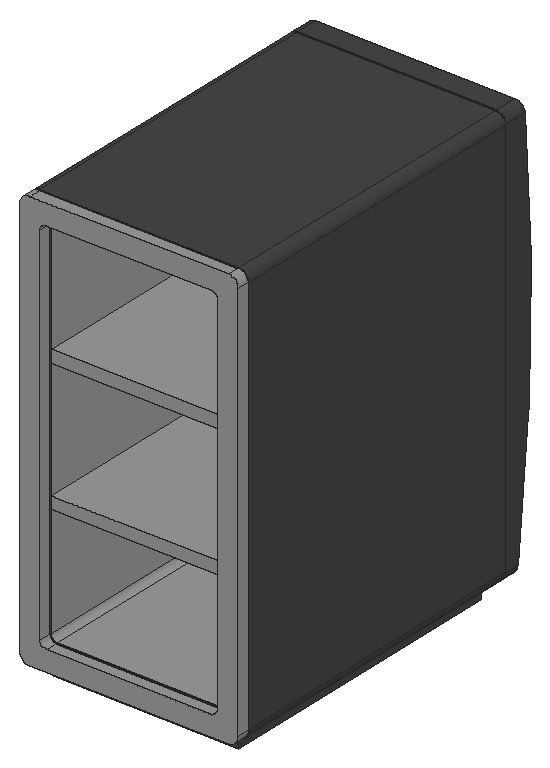
Revit family "Franke_Cup_warmer_A-Series-A200(CN)", category Specialty Equipment, Revit 2015
Parameters (values of type "Cup warmer A-Series-A200(220V/anthracite/CN)")
  Watts max. = 0 W
  Volts max. = 0 V
  URL = "https://www.franke.com/main/en/cs/products/product-search.html"
  Depth (mm) = 453 mm
  Volts min. = 220 V
  Max Overcurrent Protection = "-"
  Cycle Alternative = 60 Hz
  Cycle = 50 Hz
  Model = "410892 - Cup warmer A-Series - A200"
  Watts min. = 110 W
  Cost = 0
  Height (mm) = 544 mm
  Manufacturer = "Franke"
  Energy loss acc. to DIN 18873 = "-"
  Width (mm) = 270 mm
  Description = "A-Series key module  Cup warmer"
  Assembly Code = "key module  Cup warmer "
  Keynote = "key module  Cup warmer"
  Weight = "20 kg"
  Number of Poles = 1
  Number of Protective Conductors = "1"
  Number of Nutral Conductors = "1"
  Capacity = "up to 120 cups"
  Frontcover = Franke Anthracite
Types (3, lengths in mm): name | Frontcover
  (no name) | Franke Anthracite
  Cup warmer A-Series-A200(220V/black line/CN) | Franke Black
  Cup warmer A-Series-A200(220V/anthracite/CN) | Franke Anthracite
Reference planes
  plane 1 "Mitte (Vorne/Hinten)": y = 0
  plane 2: z = 0
  plane 3 "Mitte (Links/Rechts)": x = 0
Forms (mm)
  Extrusion 1, solid, material "Franke Anthracite" <- "Frontcover"
    sketch origin (0, 0, -41) x (1, 0, 0) y (0, 0, 1)
      loop
        line (123, 585) -> (-123, 585)
        arc (-123, 585) -> (-131.485, 581.485) -> (-135, 573) r 12
        line (-135, 573) -> (-135, 77)
        arc (-135, 77) -> (-131.485, 68.515) -> (-123, 65) r 12
        line (-123, 65) -> (-85, 65) -> (85, 65) -> (123, 65)
        arc (123, 65) -> (131.485, 68.515) -> (135, 77) r 12
        line (135, 77) -> (135, 573)
        arc (135, 573) -> (131.485, 581.485) -> (123, 585) r 12
      loop
        arc (102, 90) -> (107.657, 92.343) -> (110, 98) r 8
        line (110, 98) -> (110, 552)
        arc (110, 552) -> (107.657, 557.657) -> (102, 560) r 8
        line (102, 560) -> (-102, 560)
        arc (-102, 560) -> (-107.657, 557.657) -> (-110, 552) r 8
        line (-110, 552) -> (-110, 98)
        arc (-110, 98) -> (-107.657, 92.343) -> (-102, 90) r 8
        line (-102, 90) -> (102, 90)
    from 199.53 to 214.53
  Extrusion 2, solid, material "Franke Black"
    sketch origin (0, 0, -41) x (1, 0, 0) y (0, 0, 1)
      loop
        line (123, 585) -> (-123, 585)
        arc (-123, 585) -> (-131.485, 581.485) -> (-135, 573) r 12
        line (-135, 573) -> (-135, 77)
        arc (-135, 77) -> (-131.485, 68.515) -> (-123, 65) r 12
        line (-123, 65) -> (123, 65)
        arc (123, 65) -> (131.485, 68.515) -> (135, 77) r 12
        line (135, 77) -> (135, 573)
        arc (135, 573) -> (131.485, 581.485) -> (123, 585) r 12
      loop
        line (115, 565) -> (-115, 565) -> (-115, 85) -> (115, 85) -> (115, 565)
    from -198.03 to 198.03
  Extrusion 3, solid, material "Franke Black"
    sketch origin (0, 0, -41) x (0, 1, 0) y (0, 0, 1)
      loop
        line (186.97, 65) -> (-188.03, 65) -> (-188.03, 45) -> (186.97, 45) -> (186.97, 65)
    from -114 to 114
  Extrusion 4, solid, material "Franke Black"
    sketch origin (0, 0, -41) x (0, 1, 0) y (0, 0, 1)
      loop
        line (199.53, 585) -> (199.53, 65) -> (216.03, 65)
        arc (216.03, 65) -> (224.982, 150.997) -> (233.478, 237.039) r 16328.175
        arc (233.478, 237.039) -> (233.864, 241.879) -> (234.093, 246.728) r 150
        arc (234.093, 246.728) -> (236.227, 326.074) -> (237.701, 405.435) r 9548.581
        arc (237.701, 405.435) -> (237.699, 406.999) -> (237.648, 408.563) r 50
        arc (237.648, 408.563) -> (233.118, 496.797) -> (228.03, 585) r 14002.549
        line (228.03, 585) -> (199.53, 585)
    from -135 to 135
  Extrusion 5, void
    sketch origin (0, 0, -41) x (1, 0, 0) y (0, 0, 1)
      loop
        line (-123, 585) -> (-123, 595) -> (-145, 595) -> (-145, 573) -> (-135, 573)
        arc (-135, 573) -> (-131.485, 581.485) -> (-123, 585) r 12
      loop
        arc (123, 585) -> (131.485, 581.485) -> (135, 573) r 12
        line (135, 573) -> (145, 573) -> (145, 595) -> (123, 595) -> (123, 585)
      loop
        arc (-123, 65) -> (-131.485, 68.515) -> (-135, 77) r 12
        line (-135, 77) -> (-145, 77) -> (-145, 55) -> (-123, 55) -> (-123, 65)
      loop
        line (123, 65) -> (123, 55) -> (145, 55) -> (145, 77) -> (135, 77)
        arc (135, 77) -> (131.485, 68.515) -> (123, 65) r 12
    from -305.226 to 299.817
  Extrusion 6, solid, material "Franke Black"
    sketch origin (0, 0, -41) x (1, 0, 0) y (0, 1, 0)
      loop
        line (-107.5, 117.97) -> (-107.5, 96.52) -> (-90.75, 96.52) -> (-90.75, 117.97) -> (-107.5, 117.97)
      loop
        line (90.75, 117.97) -> (90.75, 96.52) -> (107.5, 96.52) -> (107.5, 117.97) -> (90.75, 117.97)
      loop
        line (-107.5, -97.58) -> (-107.5, -119.03) -> (-90.75, -119.03) -> (-90.75, -97.58) -> (-107.5, -97.58)
      loop
        line (90.75, -97.58) -> (90.75, -119.03) -> (107.5, -119.03) -> (107.5, -97.58) -> (90.75, -97.58)
    from 41 to 45
  Extrusion 7, solid, material "Franke Black"
    sketch origin (0, 0, -41) x (1, 0, 0) y (0, 0, 1)
      loop
        line (-120, 65) -> (120, 65) -> (120, 575) -> (-120, 575) -> (-120, 65)
      loop
        arc (-102, 560) -> (-107.657, 557.657) -> (-110, 552) r 8
        line (-110, 552) -> (-110, 98)
        arc (-110, 98) -> (-107.657, 92.343) -> (-102, 90) r 8
        line (-102, 90) -> (102, 90)
        arc (102, 90) -> (107.657, 92.343) -> (110, 98) r 8
        line (110, 98) -> (110, 552)
        arc (110, 552) -> (107.657, 557.657) -> (102, 560) r 8
        line (102, 560) -> (-102, 560)
    from 198.03 to 199.53
  Extrusion 8, solid, material "Franke Black"
    sketch origin (0, 397.56, -41) x (1, 0, 0) y (0, 0, 1)
      loop
        line (-120, 65) -> (120, 65) -> (120, 575) -> (-120, 575) -> (-120, 65)
    from 198.03 to 199.53
  Extrusion 9, solid, material "Franke Stainless Steel"
    sketch origin (0, 0, 0) x (1, 0, 0) y (0, 0, 1)
      loop
        line (-110, 372) -> (-110, 357) -> (110, 357) -> (110, 372) -> (-110, 372)
      loop
        line (-110, 210) -> (-110, 195) -> (110, 195) -> (110, 210) -> (-110, 210)
    from -190.97 to 198.03
  Extrusion 10, solid, material "Franke Stainless Steel"
    sketch origin (0, 0, 0) x (1, 0, 0) y (0, 0, 1)
      loop
        arc (-102, 519) -> (-107.657, 516.657) -> (-110, 511) r 8
        line (-110, 511) -> (-110, 57)
        arc (-110, 57) -> (-107.657, 51.343) -> (-102, 49) r 8
        line (-102, 49) -> (102, 49)
        arc (102, 49) -> (107.657, 51.343) -> (110, 57) r 8
        line (110, 57) -> (110, 511)
        arc (110, 511) -> (107.657, 516.657) -> (102, 519) r 8
        line (102, 519) -> (-102, 519)
    from -198.03 to -190.97
  Extrusion 11, solid, material "Franke Stainless Steel"
    sketch origin (0, 0, 0) x (1, 0, 0) y (0, 0, 1)
      loop
        line (-115, 524) -> (-115, 44) -> (115, 44) -> (115, 524) -> (-115, 524)
      loop
        arc (-102, 519) -> (-107.657, 516.657) -> (-110, 511) r 8
        line (-110, 511) -> (-110, 57)
        arc (-110, 57) -> (-107.657, 51.343) -> (-102, 49) r 8
        line (-102, 49) -> (102, 49)
        arc (102, 49) -> (107.657, 51.343) -> (110, 57) r 8
        line (110, 57) -> (110, 511)
        arc (110, 511) -> (107.657, 516.657) -> (102, 519) r 8
        line (102, 519) -> (-102, 519)
    from -190.97 to 198.03
  Extrusion 12, solid, material "Franke Chrome"
    sketch origin (0, 0, -41) x (1, 0, 0) y (0, 1, 0)
      loop
        circle (0, 146.221) r 2.5
    from 41 to 45
  Extrusion 13, void
    sketch origin (0, 0, -41) x (1, 0, 0) y (0, 1, 0)
      loop
        circle (-92.493, -139.31) r 16
      loop
        circle (92.493, -139.31) r 16
      loop
        circle (-92.493, 138.104) r 16
      loop
        circle (92.493, 138.104) r 16
    from 5 to 50
Cuts and joins
  Extrusion 13 cuts Extrusion 3
  Extrusion 5 cuts Extrusion 4
Dimensions and locks
  aligned and locked: level to plane 2
Connectors
  electrical at (0, 146.221, 0), driven by "Volts min.", driven by "Number of Poles"
    settings: on Extrusion 12, index 2, voltage 220 V, apparent load 0 VA, apparent load phase1 0 VA, apparent load phase2 0 VA, apparent load phase3 0 VA, power factor 1, load classification "Strom", number of poles 1, system type 31, power factor state 1, is connector primary yes, connector utility no, sub classification motor no, connector description ""
